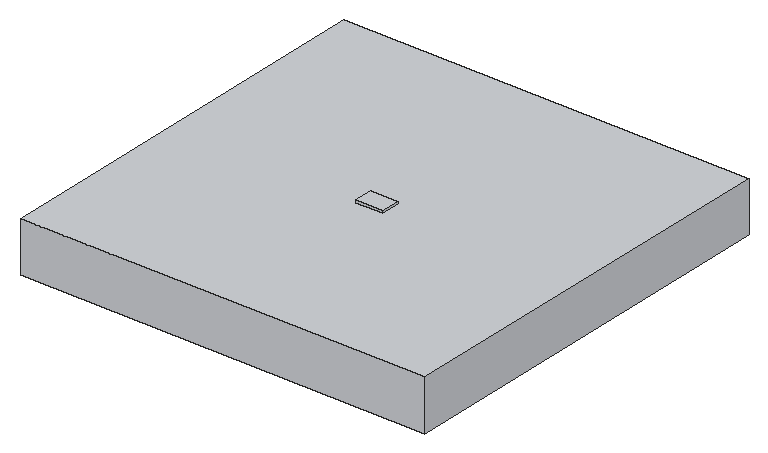
Revit family "M_Estação de serviço", category Dispositivos de chamada de enfermeira, Revit 2019
Family settings
  Hospedeiro = Face
  Manter orientação da anotação = Sim
  Cota do conector redondo = Utilizar diâmetro
  Tipo de parte = Normal
  Número OmniClass = 23.85.30.24.14
  Título OmniClass = Nurse Call Systems
  ID de item do Seek = Duty Station-0000-CAN-ENU
  Corte com vazios quando carregada = Não
  Compartilhado = Não
  Ponto de cálculo do ambiente = Não
Parameters (values of type "Padrão")
  Projeto = 13 mm
  Legenda = "ND"
  Elevação-padrão = 1200 mm
  Largura da placa frontal = 114 mm
  Material da placa frontal = none
  Comprimento da placa frontal = 162 mm
  Altura da placa frontal = 70 mm
Reference planes
  plane 1 "Centro (Frente/Trás)": y = 0
  plane 2: z = 0
  plane 3 "Centro (Esquerda/Direita)": x = 0
  plane 4: y = -114
  plane 5: x = -81
  plane 6: x = 81
  plane 7: z = 13
  plane 8: z = -57
  plane 9: x = -68.3
  plane 10: x = 68.3
  plane 11: y = -12.7
  plane 12: y = -101.3
Forms (mm)
  Extrusion 1, solid
    sketch origin (0, 0, 0) x (1, 0, 0) y (0, 1, 0)
      loop
        line (-1219.2, 1219.2) -> (-1219.2, -1219.2) -> (1219.2, -1219.2) -> (1219.2, 1219.2) -> (-1219.2, 1219.2)
    from 0 to -304.8
  Extrusion 2, solid, material <- "Material da placa frontal"
    sketch origin (0, 0, 0) x (1, 0, 0) y (0, 1, 0)
      loop
        line (-81, 0) -> (-81, -114) -> (81, -114) -> (81, 0) -> (-81, 0)
    from 0 to 13
  Extrusion 3, solid, material <- "Material da placa frontal"
    sketch origin (0, 0, 0) x (1, 0, 0) y (0, 1, 0)
      loop
        line (-68.3, -12.7) -> (-68.3, -101.3) -> (68.3, -101.3) -> (68.3, -12.7) -> (-68.3, -12.7)
    from -57 to 0
Lines and regions (mm)
  symbolic lines, detail levels fine
    curve 1: line (81, 0, 13) -> (-81, 0, 13)
    curve 2: line (-81, 0, 13) -> (-81, 0, 0)
    curve 3: line (81, 0, 0) -> (81, 0, 13)
    curve 4: line (-81, 0, 0) -> (81, 0, 0)
    curve 5: line (-68.3, 0, 0) -> (-68.3, 0, -57)
    curve 6: line (68.3, 0, -57) -> (68.3, 0, 0)
    curve 7: line (-68.3, 0, -57) -> (68.3, 0, -57)
Dimensions and locks
  equal spacing: plane 5, plane 3 "Centro (Esquerda/Direita)", plane 6
  "Comprimento da placa frontal": plane 5 to plane 6
  "Largura da placa frontal": plane 1 "Centro (Frente/Trás)" to plane 4
  locked: plane 5 to plane 9 at 12.7
  locked: plane 10 to plane 6 at 12.7
  locked: plane 1 "Centro (Frente/Trás)" to plane 11 at 12.7
  locked: plane 12 to plane 4 at 12.7
  "Altura da placa frontal": plane 7 to plane 8
  "Projeto": plane 7 to plane 2
  aligned and locked: plane 2 to Extrusion 1
  aligned and locked: level to Extrusion 1
  aligned and locked: plane 5 to Extrusion 2 sketch curve
  aligned and locked: plane 1 "Centro (Frente/Trás)" to Extrusion 2 sketch curve
  aligned and locked: plane 4 to Extrusion 2 sketch curve
  aligned and locked: Extrusion 2 sketch curve to plane 6
  aligned and locked: plane 9 to Extrusion 3 sketch curve
  aligned and locked: Extrusion 3 sketch curve to plane 11
  aligned and locked: plane 12 to Extrusion 3 sketch curve
  aligned and locked: Extrusion 3 sketch curve to plane 10
  aligned and locked: Extrusion 3 to plane 8
  aligned and locked: plane 7 to Extrusion 2
  aligned and locked: Extrusion 2 to plane 2
  aligned and locked: plane 2 to Extrusion 3
  aligned and locked: curve 1 to Extrusion 2
  aligned and locked: curve 2 to Extrusion 2
  aligned and locked: curve 3 to Extrusion 2
  aligned and locked: curve 4 to Extrusion 2
  aligned and locked: curve 5 to Extrusion 3
  aligned and locked: curve 6 to Extrusion 3
  aligned and locked: curve 7 to Extrusion 3
  aligned and locked: plane 1 "Centro (Frente/Trás)" to nested 1
  aligned and locked: plane 3 "Centro (Esquerda/Direita)" to nested 1
Automatic sketch dimensions
  Extrusion 1 sketch curve to Extrusion 1 sketch curve = 2438.4 mm  (x2)
Nested families
  nested 1: "M_Anotação da estação de serviço" at (0, 0, 0), type "Anotação da estação de serviço", detail levels coarse+medium
Connectors
  electrical at (0, -12.7, -28.5)
    settings: on Extrusion 3, index 1, voltage 0 V, apparent load 0 VA, apparent load phase1 0 VA, apparent load phase2 0 VA, apparent load phase3 0 VA, power factor 1, load classification "Outros", number of poles 1, system type 12, power factor state 1, is connector primary yes, connector utility no, sub classification motor no, connector description ""
Definition of nested family "M_Anotação da estação de serviço"
  Parameters
    Anotação de legenda = "ND"
  Reference planes
    plane 1: y = 0
    plane 2: x = 0
  Lines and regions (mm)
    reference lines
      curve 1: line (3.175, 11.258, 0) -> (3.175, -5.783, 0)
      curve 2: line (-3.175, 11.258, 0) -> (-3.175, -5.783, 0)
      curve 3: line (-4.907, 3.969, 0) -> (19.767, 3.969, 0)
      curve 4: line (-4.907, 0, 0) -> (19.767, 0, 0)
    detail lines
      curve 5: line (-3.175, 3.969, 0) -> (3.175, 3.969, 0)
      curve 6: line (-3.175, 0, 0) -> (-3.175, 3.969, 0)
      curve 7: line (3.175, 0, 0) -> (-3.175, 0, 0)
      curve 8: line (3.175, 3.969, 0) -> (3.175, 0, 0)
  Text (mm)
    label "ND" at (-2.326, 1.904, 0), shows "Anotação de legenda"
  Dimensions and locks
    locked: plane 2 to curve 1 at 3.175
    locked: curve 2 to plane 2 at 3.175
    locked: curve 4 to plane 1 at 0
    locked: curve 4 to curve 3 at 3.969
    aligned and locked: curve 3 to curve 5
    aligned and locked: curve 1 to curve 8
    aligned and locked: curve 7 to curve 4
    aligned and locked: curve 6 to curve 2
